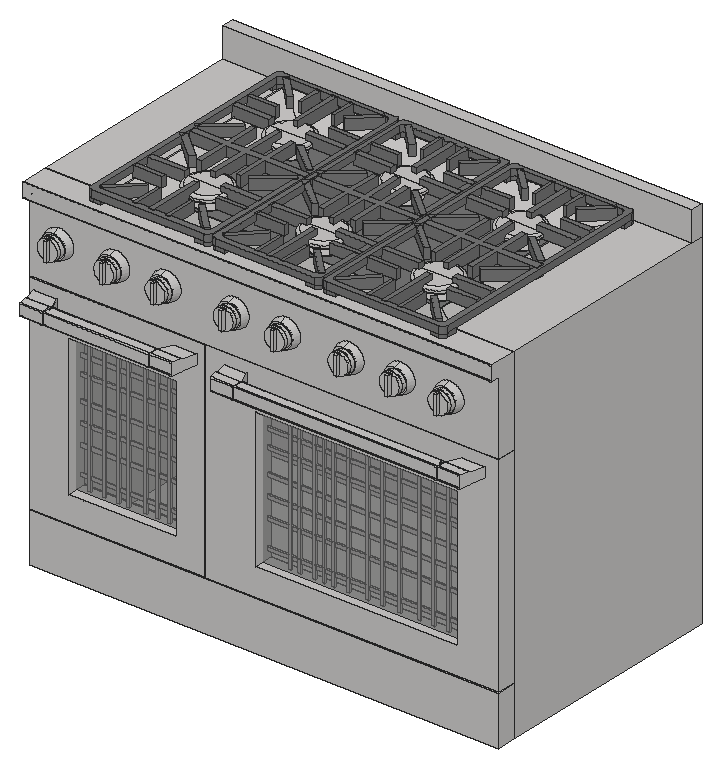
Revit family "HGPR48_Revit", category Specialty Equipment, Revit 2014
Parameters (values of type "HGPR48")
  Width = 48"
  WOK RING = "1"
  VOLTS (V) = "120 VAC"
  Unit = Stainless Steel
  TYPE OF GRATE = "CONTINUOUS CAST IRON"
  TOTAL NUMBER OF COOKTOP BURNERS = "6 DUAL STACK BRASS BURNERS"
  TEMPERATURE (F/C) = "YES"
  Support = Glass
  STANDARD RACK = "1 (LG) / 1 (SM)"
  STAINLESS STEEL BACKGUARD 9” = "APB30G9"
  STAINLESS STEEL BACKGUARD 1 1/2” = "APB30GLP"
  SEALED BURNERS = "YES"
  RIGHT REAR (BTU) = "15,000 STACK DUAL (SIMMER)"
  RIGHT FRONT (BTU) = "18,000 STACK DUAL (SIMMER/SEAR)"
  REMOVABLE NON-STICK SEARING GRILL = "AEGR36"
  REMOVABLE NON-STICK GRIDDLE = "1"
  REMOVABLE CONVECTION FILTER = "1/EA OVEN"
  PLUG TYPE = "GROUNDED, DEDICATED,3-PRONG ELECTRICAL OUTLET"
  PERMA-FLAME™ (AUTO RE-IGNITION) = "YES"
  OVEN RACK POSITIONS = "6 (LG) / 6 (SM)"
  OVEN CONTROL METHOD = "KNOBS"
  OVEN CAPACITY (CUBIC FEET) = "5.2 (LG OVEN) / 2.8 (SM OVEN)"
  NUMBER OF KNOBS = "7 KNOBS"
  Model = "HGPR48"
  Manufacturer = "Dacor"
  LIMITED, PARTS AND LABOR = "1 YEAR"
  LIGHTING = "LED & HALOGEN"
  LEFT REAR (BTU) = "15,000 STACK DUAL (SIMMER)"
  LEFT FRONT (BTU) = "18,000 DUAL (SIMMER/SEAR)"
  LED (WHITE) = "YES"
  KEEP WARM = "YES (BOTH)"
  INFRARED CERAMIC BROIL GAS BURNER = "18,000 BTU (LG) 13,000 BTU (SM)"
  ILLUMINA™ BURNER KNOBS = "YES"
  Height = 37 1/2"
  Handle = Stainless Steel
  HIGHLIGHTING COLOR = "WHITE"
  HIDDEN STAINLESS STEEL BAKE BURNER = "24,000 BTU (LG) 15,000 BTU (SM)"
  Glide = Plastic-Black
  Gas Burner = Stainless Steel
  GLIDERACK™ = "2 (LG) & 2 (SM)"
  GAS TYPES = "NATURAL GAS, NATURAL GAS (HIGH ALTITUDE), LIQUID PROPANE LIQUID PROPANE (HIGH ALTITUDE)"
  FREQUENCY (HZ) = "60 HZ"
  ENERGY SOURCE = "GAS AND ELECTRICAL"
  Door = Stainless Steel
  Description = "48-INCH PRO DUAL-FUEL RANGE HERIT AGE COLLECTION"
  Depth = 24"
  COOKING MODES = "CONVECTION BAKE; BAKE CONVECTION BROIL; BROIL"
  COOKIE SHEETS (SET OF 3) = "ACSRO303"
  CLEANING TYPE = "SELF-CLEAN (BOTH)"
  CIRCUIT BREAKER (A) = "15 AMPS"
  CENTER REAR (BTU) = "15,000 STACK DUAL (SIMMER)"
  CENTER FRONT (BTU) = "15,000 STACK DUAL (SIMMER)"
  CAVITY = "BLACK ENAMEL COATING"
  Burner = Plastic-Black
  BROIL/ROASTING PAN W/GRILL & V RACK = "AORPVR"
  BRASS/BLACK PORCELAIN BURNER CAPS = "6/EA"
  BAKING STONE = "ABS16"
  Adjustment = Stainless Steel
Reference planes (in)
  plane 1 "Center (Front/Back)": y = 0
  plane 2: z = 0
  plane 3 "Center (Left/Right)": x = 0
  plane 4: y = 12
  plane 5: y = -12
  plane 6: x = -24
  plane 7: x = 24
  plane 8: z = 37.5
  plane 9: y = -14
  plane 10: z = 2
  plane 11: y = -14.875
  plane 12: y = -16.5
  plane 13: z = 38.5625
  plane 14: z = 36
  plane 15: z = 40.5
  plane 16: y = 10.75
Forms (in)
  Extrusion 1, solid, material "Stainless Steel" <- "Unit"
    sketch origin (0, 0, 0) x (1, 0, 0) y (0, 0, 1)
      loop
        line (-24, 37.5) -> (-24, 2) -> (24, 2) -> (24, 37.5) -> (23.66902, 37.5) -> (23.66902, 2.38848) -> (-23.45598, 2.38848) -> (-23.45598, 37.5) -> (-24, 37.5)
    from -12 to 12
  Extrusion 2, solid, material "Stainless Steel" <- "Door"
    sketch origin (0, 0, 0) x (0, 1, 0) y (0, 0, 1)
      loop
        line (-12, 37.5) -> (-14.84447, 37.5)
        arc (-14.84447, 37.5) -> (-14.86606, 37.49106) -> (-14.875, 37.46947) r 0.03053
        line (-14.875, 37.46947) -> (-14.875, 36.03125)
        arc (-14.875, 36.03125) -> (-14.86585, 36.00915) -> (-14.84375, 36) r 0.03125
        line (-14.84375, 36) -> (-14.03125, 36)
        arc (-14.03125, 36) -> (-14.00915, 35.99085) -> (-14, 35.96875) r 0.03125
        line (-14, 35.96875) -> (-14, 28.5) -> (-12, 28.5) -> (-12, 37.5)
      loop
        line (-14, 1.96852) -> (-12, 1.96852) -> (-12, 6.96852) -> (-14, 6.96852) -> (-14, 1.96852)
    from -24 to 24
  Extrusion 3, solid, material "Glass" <- "Support"
    sketch origin (0, -14, 0) x (1, 0, 0) y (0, 0, 1)
      loop
        line (-20.04254, 24.12749) -> (-20.04254, 9.87749) -> (-8.99618, 9.87749) -> (-8.99618, 24.12749) -> (-20.04254, 24.12749)
      loop
        line (19.83246, 24.12749) -> (-0.88482, 24.12749) -> (-0.88482, 9.87749) -> (19.83246, 9.87749) -> (19.83246, 24.12749)
    from -2 to -0.8824
  Revolve 4, solid, material "Plastic-Black" <- "Glide"
    sketch origin (21.125, 0, 0) x (0, 1, 0) y (0, 0, 1)
      loop
        line (-10.25, 2) -> (-10.25, 0.75) -> (-10.14613, 0.64613) -> (-10.14613, 0.08461) -> (-10.09729, 0) -> (-9.53479, 0) -> (-9.53479, 2) -> (-10.25, 2)
      axis (-9.53479, 0) -> (-9.53479, 2)
    angle from 0 to 360
  Revolve 5, solid, material "Plastic-Black" <- "Glide"
    sketch origin (-1.87507, 0.00446, 0.02133) x (0, 1, 0) y (0, 0, -1)
      loop
        line (-10.25, -2) -> (-9.53479, -2) -> (-9.53479, 0) -> (-10.09729, 0) -> (-10.14613, -0.08461) -> (-10.14613, -0.64613) -> (-10.25, -0.75) -> (-10.25, -2)
      axis (-9.53479, 0) -> (-9.53479, -2)
    angle from 0 to 360
  Revolve 6, solid, material "Plastic-Black" <- "Glide"
    sketch origin (21.125, 0, 0) x (0, -1, 0) y (0, 0, -1)
      loop
        line (-10.25, -2) -> (-9.53479, -2) -> (-9.53479, 0) -> (-10.09729, 0) -> (-10.14613, -0.08461) -> (-10.14613, -0.64613) -> (-10.25, -0.75) -> (-10.25, -2)
      axis (-9.53479, 0) -> (-9.53479, -2)
    angle from 0 to 360
  Revolve 7, solid, material "Plastic-Black" <- "Glide"
    sketch origin (-1.87507, 0.00446, 0.02133) x (0, -1, 0) y (0, 0, 1)
      loop
        line (-10.25, 2) -> (-10.25, 0.75) -> (-10.14613, 0.64613) -> (-10.14613, 0.08461) -> (-10.09729, 0) -> (-9.53479, 0) -> (-9.53479, 2) -> (-10.25, 2)
      axis (-9.53479, 0) -> (-9.53479, 2)
    angle from 0 to 360
  Extrusion 8, solid, material "Stainless Steel" <- "Unit"
    sketch origin (0, 12, 0) x (-1, 0, 0) y (0, 0, 1)
      loop
        line (23.45598, 2.38848) -> (23.45598, 37.5) -> (-23.66902, 37.5) -> (-23.66902, 2.38848) -> (23.45598, 2.38848)
    from 0 to -0.60405
  Extrusion 9, solid, material "Stainless Steel" <- "Adjustment"
    sketch origin (0, 1.40244, -0.08716) x (1, 0, 0) y (0, 0, 1)
      loop
        line (-19.17988, 24.12749) -> (-19.17988, 9.87749) -> (-18.88693, 9.87749) -> (-18.88693, 24.12749) -> (-19.17988, 24.12749)
      loop
        line (-17.67988, 24.12749) -> (-17.67988, 9.87749) -> (-17.38693, 9.87749) -> (-17.38693, 24.12749) -> (-17.67988, 24.12749)
      loop
        line (-16.17988, 24.12749) -> (-16.17988, 9.87749) -> (-15.88693, 9.87749) -> (-15.88693, 24.12749) -> (-16.17988, 24.12749)
      loop
        line (-15.19507, 24.12749) -> (-15.19507, 9.87749) -> (-14.90212, 9.87749) -> (-14.90212, 24.12749) -> (-15.19507, 24.12749)
      loop
        line (-13.44507, 24.12749) -> (-13.44507, 9.87749) -> (-13.15212, 9.87749) -> (-13.15212, 24.12749) -> (-13.44507, 24.12749)
      loop
        line (-12.22063, 24.12749) -> (-12.22063, 9.87749) -> (-11.92768, 9.87749) -> (-11.92768, 24.12749) -> (-12.22063, 24.12749)
      loop
        line (-10.99618, 24.12749) -> (-10.99618, 9.87749) -> (-10.70323, 9.87749) -> (-10.70323, 24.12749) -> (-10.99618, 24.12749)
      loop
        line (-8.99618, 24.12749) -> (-8.99618, 9.87749) -> (-8.70323, 9.87749) -> (-8.70323, 24.12749) -> (-8.99618, 24.12749)
      loop
        line (12.86738, 24.12749) -> (12.57443, 24.12749) -> (12.57443, 9.87749) -> (12.86738, 9.87749) -> (12.86738, 24.12749)
      loop
        line (7.61738, 24.12749) -> (7.32443, 24.12749) -> (7.32443, 9.87749) -> (7.61738, 9.87749) -> (7.61738, 24.12749)
      loop
        line (6.11738, 24.12749) -> (5.82443, 24.12749) -> (5.82443, 9.87749) -> (6.11738, 9.87749) -> (6.11738, 24.12749)
      loop
        line (5.13257, 24.12749) -> (4.83962, 24.12749) -> (4.83962, 9.87749) -> (5.13257, 9.87749) -> (5.13257, 24.12749)
      loop
        line (4.13257, 24.12749) -> (3.83962, 24.12749) -> (3.83962, 9.87749) -> (4.13257, 9.87749) -> (4.13257, 24.12749)
      loop
        line (2.65813, 24.12749) -> (2.36518, 24.12749) -> (2.36518, 9.87749) -> (2.65813, 9.87749) -> (2.65813, 24.12749)
      loop
        line (1.65813, 24.12749) -> (1.36518, 24.12749) -> (1.36518, 9.87749) -> (1.65813, 9.87749) -> (1.65813, 24.12749)
      loop
        line (-7.37882, 24.12749) -> (-7.67177, 24.12749) -> (-7.67177, 9.87749) -> (-7.37882, 9.87749) -> (-7.37882, 24.12749)
      loop
        line (17.86738, 24.12749) -> (17.57443, 24.12749) -> (17.57443, 9.87749) -> (17.86738, 9.87749) -> (17.86738, 24.12749)
      loop
        line (16.36738, 24.12749) -> (16.07443, 24.12749) -> (16.07443, 9.87749) -> (16.36738, 9.87749) -> (16.36738, 24.12749)
      loop
        line (14.86738, 24.12749) -> (14.57443, 24.12749) -> (14.57443, 9.87749) -> (14.86738, 9.87749) -> (14.86738, 24.12749)
      loop
        line (11.10406, 24.07244) -> (10.81111, 24.07244) -> (10.81111, 9.82244) -> (11.10406, 9.82244) -> (11.10406, 24.07244)
      loop
        line (9.60406, 24.07244) -> (9.31111, 24.07244) -> (9.31111, 9.82244) -> (9.60406, 9.82244) -> (9.60406, 24.07244)
    from 13.89891 to 14
  Extrusion 10, solid, material "Stainless Steel" <- "Adjustment"
    sketch origin (0, 1.40244, -0.08716) x (1, 0, 0) y (0, 0, 1)
      loop
        line (-20.04254, 22.31591) -> (-20.04254, 21.9338) -> (-8.91754, 21.9338) -> (-8.91754, 22.31591) -> (-20.04254, 22.31591)
      loop
        line (19.83246, 21.9338) -> (19.83246, 22.31591) -> (-0.91754, 22.31591) -> (-0.91754, 21.9338) -> (19.83246, 21.9338)
      loop
        line (-20.04254, 20.56591) -> (-20.04254, 20.1838) -> (-8.91754, 20.1838) -> (-8.91754, 20.56591) -> (-20.04254, 20.56591)
      loop
        line (19.83246, 20.1838) -> (19.83246, 20.56591) -> (-0.91754, 20.56591) -> (-0.91754, 20.1838) -> (19.83246, 20.1838)
      loop
        line (-20.04254, 18.06591) -> (-20.04254, 17.6838) -> (-8.91754, 17.6838) -> (-8.91754, 18.06591) -> (-20.04254, 18.06591)
      loop
        line (19.83246, 17.6838) -> (19.83246, 18.06591) -> (-0.91754, 18.06591) -> (-0.91754, 17.6838) -> (19.83246, 17.6838)
      loop
        line (-20.04254, 16.06591) -> (-20.04254, 15.6838) -> (-8.91754, 15.6838) -> (-8.91754, 16.06591) -> (-20.04254, 16.06591)
      loop
        line (19.83246, 15.6838) -> (19.83246, 16.06591) -> (-0.91754, 16.06591) -> (-0.91754, 15.6838) -> (19.83246, 15.6838)
      loop
        line (-20.04254, 14.06591) -> (-20.04254, 13.6838) -> (-8.91754, 13.6838) -> (-8.91754, 14.06591) -> (-20.04254, 14.06591)
      loop
        line (19.83246, 13.6838) -> (19.83246, 14.06591) -> (-0.91754, 14.06591) -> (-0.91754, 13.6838) -> (19.83246, 13.6838)
      loop
        line (-20.04254, 11.31591) -> (-20.04254, 10.9338) -> (-8.91754, 10.9338) -> (-8.91754, 11.31591) -> (-20.04254, 11.31591)
      loop
        line (19.83246, 10.9338) -> (19.83246, 11.31591) -> (-0.91754, 11.31591) -> (-0.91754, 10.9338) -> (19.83246, 10.9338)
    from 13.89891 to 14
  Revolve 11, solid, material "Stainless Steel" <- "Adjustment"
    sketch origin (19, 0, -0.625) x (0, 1, 0) y (0, 0, 1)
      loop
        line (-14, 34.56034) -> (-14.75, 34.35937) -> (-14.75, 34.22201) -> (-15.13851, 34.22201) -> (-15.13851, 34.15475) -> (-15.47236, 34.15475) -> (-15.47236, 33.12798) -> (-14, 33.12798) -> (-14, 34.56034)
      axis (-15.47236, 33.12798) -> (-14, 33.12798)
    angle from 0 to 360
  Extrusion 12, solid, material "Stainless Steel" <- "Adjustment"
    sketch origin (-2.125, 0, -0.625) x (1, 0, 0) y (0, 0, 1)
      loop
        line (20.92229, 34.07156) -> (20.92229, 32.1716) -> (21.22324, 32.1716) -> (21.22324, 34.07156) -> (20.92229, 34.07156)
    from 15.76036 to 15.47236
  Blend 13, solid, material "Stainless Steel" <- "Unit"
    base sketch origin (-17.9375, 0, 37.5) x (1, 0, 0) y (0, 1, 0)
      loop
        line (0.54402, -12) -> (35.54402, -12) -> (35.54402, 10.77095) -> (0.54402, 10.77095) -> (0.54402, -12)
    top sketch origin (-17.9375, 0, 37.5) x (1, 0, 0) y (0, 1, 0)
      loop
        line (3.59462, 7.80878) -> (3.59462, -9.19122) -> (32.09462, -9.19122) -> (32.09462, 7.80878) -> (3.59462, 7.80878)
    from 0 to -1.15037
  Blend 14, void
    base sketch origin (-14.9375, 0, 0) x (1, 0, 0) y (0, 1, 0)
      loop
        line (-2.45598, -12) -> (32.54402, -12) -> (32.54402, 10.52095) -> (-2.45598, 10.52095) -> (-2.45598, -12)
    top sketch origin (-14.9375, 0, 0) x (1, 0, 0) y (0, 1, 0)
      loop
        line (1.59462, 7.06965) -> (1.59462, -8.45209) -> (28.59462, -8.45209) -> (28.59462, 7.06965) -> (1.59462, 7.06965)
    from 37.5 to 36.34963
  Extrusion 15, solid, material "Plastic-Black" <- "Burner"
    sketch origin (-17.9375, 0, 36.34963) x (0, 1, 0) y (1, 0, 0)
      loop
        line (7.06965, 31.59462) -> (-8.45209, 31.59462) -> (-8.45209, 4.59462) -> (7.06965, 4.59462) -> (7.06965, 31.59462)
    from 0 to 0.58019
  Revolve 16, solid, material "Stainless Steel" <- "Gas Burner"
    sketch origin (-2.375, -6.625, 0) x (1, 0, 0) y (0, 0, 1)
      loop
        line (-9.25, 35.76944) -> (-9.25, 38.03125) -> (-11.25, 38.03125)
        arc (-11.25, 38.03125) -> (-11.42678, 37.95803) -> (-11.5, 37.78125) r 0.25
        line (-11.5, 37.78125) -> (-11.5, 37.53125) -> (-11.37023, 37.40148)
        arc (-11.37023, 37.40148) -> (-11.35076, 37.35447) -> (-11.37023, 37.30747) r 0.06647
        line (-11.37023, 37.30747) -> (-11.5, 37.1777) -> (-11.5, 36.94183)
        arc (-11.5, 36.94183) -> (-11.44834, 36.78964) -> (-11.3147, 36.70035) r 0.25
        line (-11.3147, 36.70035) -> (-10.77556, 36.55589) -> (-10.3215, 35.76944) -> (-9.25, 35.76944)
      axis (-9.25, 35.76944) -> (-9.25, 38.03125)
    angle from 0 to 360
  Extrusion 17, solid, material "Plastic-Black" <- "Burner"
    sketch origin (0, 0, 0) x (1, 0, 0) y (0, 1, 0)
      loop
        arc (-17.64348, 10.58345) -> (-17.99703, 10.437) -> (-18.14348, 10.08345) r 0.5
        line (-18.14348, 10.08345) -> (-18.14348, -13.5)
        arc (-18.14348, -13.5) -> (-17.99703, -13.85355) -> (-17.64348, -14) r 0.5
        line (-17.64348, -14) -> (-6.1875, -14)
        arc (-6.1875, -14) -> (-5.83395, -13.85355) -> (-5.6875, -13.5) r 0.5
        line (-5.6875, -13.5) -> (-5.6875, 10.08345)
        arc (-5.6875, 10.08345) -> (-5.83395, 10.437) -> (-6.1875, 10.58345) r 0.5
        line (-6.1875, 10.58345) -> (-17.64348, 10.58345)
      loop
        arc (-17.12384, 10.02844) -> (-17.47739, 9.88199) -> (-17.62384, 9.52844) r 0.5
        line (-17.62384, 9.52844) -> (-17.62384, -12.90906)
        arc (-17.62384, -12.90906) -> (-17.47739, -13.26262) -> (-17.12384, -13.40906) r 0.5
        line (-17.12384, -13.40906) -> (-6.68634, -13.40906)
        arc (-6.68634, -13.40906) -> (-6.33278, -13.26262) -> (-6.18634, -12.90906) r 0.5
        line (-6.18634, -12.90906) -> (-6.18634, 9.52844)
        arc (-6.18634, 9.52844) -> (-6.33278, 9.88199) -> (-6.68634, 10.02844) r 0.5
        line (-6.68634, 10.02844) -> (-17.12384, 10.02844)
      loop
        line (17.89348, 10.58345) -> (6.375, 10.58345)
        arc (6.375, 10.58345) -> (6.02145, 10.437) -> (5.875, 10.08345) r 0.5
        line (5.875, 10.08345) -> (5.875, -13.5)
        arc (5.875, -13.5) -> (6.02145, -13.85355) -> (6.375, -14) r 0.5
        line (6.375, -14) -> (17.89348, -14)
        arc (17.89348, -14) -> (18.24703, -13.85355) -> (18.39348, -13.5) r 0.5
        line (18.39348, -13.5) -> (18.39348, 10.08345)
        arc (18.39348, 10.08345) -> (18.24703, 10.437) -> (17.89348, 10.58345) r 0.5
      loop
        line (17.37384, 10.02844) -> (6.87384, 10.02844)
        arc (6.87384, 10.02844) -> (6.52028, 9.88199) -> (6.37384, 9.52844) r 0.5
        line (6.37384, 9.52844) -> (6.37384, -12.90906)
        arc (6.37384, -12.90906) -> (6.52028, -13.26262) -> (6.87384, -13.40906) r 0.5
        line (6.87384, -13.40906) -> (17.37384, -13.40906)
        arc (17.37384, -13.40906) -> (17.72739, -13.26262) -> (17.87384, -12.90906) r 0.5
        line (17.87384, -12.90906) -> (17.87384, 9.52844)
        arc (17.87384, 9.52844) -> (17.72739, 9.88199) -> (17.37384, 10.02844) r 0.5
      loop
        line (5.14348, 10.58345) -> (-5, 10.58345)
        arc (-5, 10.58345) -> (-5.35355, 10.437) -> (-5.5, 10.08345) r 0.5
        line (-5.5, 10.08345) -> (-5.5, -13.5)
        arc (-5.5, -13.5) -> (-5.35355, -13.85355) -> (-5, -14) r 0.5
        line (-5, -14) -> (5.14348, -14)
        arc (5.14348, -14) -> (5.49703, -13.85355) -> (5.64348, -13.5) r 0.5
        line (5.64348, -13.5) -> (5.64348, 10.08345)
        arc (5.64348, 10.08345) -> (5.49703, 10.437) -> (5.14348, 10.58345) r 0.5
      loop
        line (4.62384, 10.02844) -> (-4.50116, 10.02844)
        arc (-4.50116, 10.02844) -> (-4.85472, 9.88199) -> (-5.00116, 9.52844) r 0.5
        line (-5.00116, 9.52844) -> (-5.00116, -12.90906)
        arc (-5.00116, -12.90906) -> (-4.85472, -13.26262) -> (-4.50116, -13.40906) r 0.5
        line (-4.50116, -13.40906) -> (4.62384, -13.40906)
        arc (4.62384, -13.40906) -> (4.97739, -13.26262) -> (5.12384, -12.90906) r 0.5
        line (5.12384, -12.90906) -> (5.12384, 9.52844)
        arc (5.12384, 9.52844) -> (4.97739, 9.88199) -> (4.62384, 10.02844) r 0.5
    from 38.5625 to 37.89555
  Revolve 18, solid, material "Stainless Steel" <- "Gas Burner"
    sketch origin (-2.375, 3.875, 0) x (1, 0, 0) y (0, 0, -1)
      loop
        line (-9.25, -35.76944) -> (-10.3215, -35.76944) -> (-10.77556, -36.55589) -> (-11.3147, -36.70035)
        arc (-11.3147, -36.70035) -> (-11.44834, -36.78964) -> (-11.5, -36.94183) r 0.25
        line (-11.5, -36.94183) -> (-11.5, -37.1777) -> (-11.37023, -37.30747)
        arc (-11.37023, -37.30747) -> (-11.35076, -37.35447) -> (-11.37023, -37.40148) r 0.06647
        line (-11.37023, -37.40148) -> (-11.5, -37.53125) -> (-11.5, -37.78125)
        arc (-11.5, -37.78125) -> (-11.42678, -37.95803) -> (-11.25, -38.03125) r 0.25
        line (-11.25, -38.03125) -> (-9.25, -38.03125) -> (-9.25, -35.76944)
      axis (-9.25, -35.76944) -> (-9.25, -38.03125)
    angle from 0 to 360
  Revolve 19, solid, material "Stainless Steel" <- "Gas Burner"
    sketch origin (2.75, -6.625, 0) x (-1, 0, 0) y (0, 0, -1)
      loop
        line (-9.25, -35.76944) -> (-10.3215, -35.76944) -> (-10.77556, -36.55589) -> (-11.3147, -36.70035)
        arc (-11.3147, -36.70035) -> (-11.44834, -36.78964) -> (-11.5, -36.94183) r 0.25
        line (-11.5, -36.94183) -> (-11.5, -37.1777) -> (-11.37023, -37.30747)
        arc (-11.37023, -37.30747) -> (-11.35076, -37.35447) -> (-11.37023, -37.40148) r 0.06647
        line (-11.37023, -37.40148) -> (-11.5, -37.53125) -> (-11.5, -37.78125)
        arc (-11.5, -37.78125) -> (-11.42678, -37.95803) -> (-11.25, -38.03125) r 0.25
        line (-11.25, -38.03125) -> (-9.25, -38.03125) -> (-9.25, -35.76944)
      axis (-9.25, -35.76944) -> (-9.25, -38.03125)
    angle from 0 to 360
  Revolve 20, solid, material "Stainless Steel" <- "Gas Burner"
    sketch origin (2.75, 3.875, 0) x (-1, 0, 0) y (0, 0, 1)
      loop
        line (-9.25, 35.76944) -> (-9.25, 38.03125) -> (-11.25, 38.03125)
        arc (-11.25, 38.03125) -> (-11.42678, 37.95803) -> (-11.5, 37.78125) r 0.25
        line (-11.5, 37.78125) -> (-11.5, 37.53125) -> (-11.37023, 37.40148)
        arc (-11.37023, 37.40148) -> (-11.35076, 37.35447) -> (-11.37023, 37.30747) r 0.06647
        line (-11.37023, 37.30747) -> (-11.5, 37.1777) -> (-11.5, 36.94183)
        arc (-11.5, 36.94183) -> (-11.44834, 36.78964) -> (-11.3147, 36.70035) r 0.25
        line (-11.3147, 36.70035) -> (-10.77556, 36.55589) -> (-10.3215, 35.76944) -> (-9.25, 35.76944)
      axis (-9.25, 35.76944) -> (-9.25, 38.03125)
    angle from 0 to 360
  Extrusion 21, solid, material "Plastic-Black" <- "Burner"
    sketch origin (0, 0, 0) x (1, 0, 0) y (0, 1, 0)
      loop
        arc (-17.64348, 10.58345) -> (-17.99703, 10.437) -> (-18.14348, 10.08345) r 0.5
        line (-18.14348, 10.08345) -> (-18.14348, 9.11542) -> (-17.62384, 9.11542) -> (-17.62384, 9.52844)
        arc (-17.62384, 9.52844) -> (-17.47739, 9.88199) -> (-17.12384, 10.02844) r 0.5
        line (-17.12384, 10.02844) -> (-16.73692, 10.02844) -> (-16.73692, 10.58345) -> (-17.64348, 10.58345)
      loop
        line (-17.64348, -13.95845) -> (-16.73692, -13.95845) -> (-16.73692, -13.40344) -> (-17.12384, -13.40344)
        arc (-17.12384, -13.40344) -> (-17.47739, -13.25699) -> (-17.62384, -12.90344) r 0.5
        line (-17.62384, -12.90344) -> (-17.62384, -12.49042) -> (-18.14348, -12.49042) -> (-18.14348, -13.45845)
        arc (-18.14348, -13.45845) -> (-17.99703, -13.812) -> (-17.64348, -13.95845) r 0.5
      loop
        line (-6.22919, 10.58345) -> (-7.13575, 10.58345) -> (-7.13575, 10.02844) -> (-6.74884, 10.02844)
        arc (-6.74884, 10.02844) -> (-6.39528, 9.88199) -> (-6.24884, 9.52844) r 0.5
        line (-6.24884, 9.52844) -> (-6.24884, 9.11542) -> (-5.72919, 9.11542) -> (-5.72919, 10.08345)
        arc (-5.72919, 10.08345) -> (-5.87564, 10.437) -> (-6.22919, 10.58345) r 0.5
      loop
        arc (-6.22919, -13.95845) -> (-5.87564, -13.812) -> (-5.72919, -13.45845) r 0.5
        line (-5.72919, -13.45845) -> (-5.72919, -12.49042) -> (-6.24884, -12.49042) -> (-6.24884, -12.90344)
        arc (-6.24884, -12.90344) -> (-6.39528, -13.25699) -> (-6.74884, -13.40344) r 0.5
        line (-6.74884, -13.40344) -> (-7.13575, -13.40344) -> (-7.13575, -13.95845) -> (-6.22919, -13.95845)
      loop
        line (17.89348, 10.58345) -> (16.98692, 10.58345) -> (16.98692, 10.02844) -> (17.37384, 10.02844)
        arc (17.37384, 10.02844) -> (17.72739, 9.88199) -> (17.87384, 9.52844) r 0.5
        line (17.87384, 9.52844) -> (17.87384, 9.11542) -> (18.39348, 9.11542) -> (18.39348, 10.08345)
        arc (18.39348, 10.08345) -> (18.24703, 10.437) -> (17.89348, 10.58345) r 0.5
      loop
        arc (17.89348, -13.95845) -> (18.24703, -13.812) -> (18.39348, -13.45845) r 0.5
        line (18.39348, -13.45845) -> (18.39348, -12.49042) -> (17.87384, -12.49042) -> (17.87384, -12.90344)
        arc (17.87384, -12.90344) -> (17.72739, -13.25699) -> (17.37384, -13.40344) r 0.5
        line (17.37384, -13.40344) -> (16.98692, -13.40344) -> (16.98692, -13.95845) -> (17.89348, -13.95845)
      loop
        arc (6.35419, 10.58345) -> (6.00064, 10.437) -> (5.85419, 10.08345) r 0.5
        line (5.85419, 10.08345) -> (5.85419, 9.11542) -> (6.37384, 9.11542) -> (6.37384, 9.52844)
        arc (6.37384, 9.52844) -> (6.52028, 9.88199) -> (6.87384, 10.02844) r 0.5
        line (6.87384, 10.02844) -> (7.26075, 10.02844) -> (7.26075, 10.58345) -> (6.35419, 10.58345)
      loop
        line (6.35419, -13.95845) -> (7.26075, -13.95845) -> (7.26075, -13.40344) -> (6.87384, -13.40344)
        arc (6.87384, -13.40344) -> (6.52028, -13.25699) -> (6.37384, -12.90344) r 0.5
        line (6.37384, -12.90344) -> (6.37384, -12.49042) -> (5.85419, -12.49042) -> (5.85419, -13.45845)
        arc (5.85419, -13.45845) -> (6.00064, -13.812) -> (6.35419, -13.95845) r 0.5
      loop
        line (5.10179, 10.58345) -> (4.19523, 10.58345) -> (4.19523, 10.02844) -> (4.58214, 10.02844)
        arc (4.58214, 10.02844) -> (4.9357, 9.88199) -> (5.08214, 9.52844) r 0.5
        line (5.08214, 9.52844) -> (5.08214, 9.11542) -> (5.60179, 9.11542) -> (5.60179, 10.08345)
        arc (5.60179, 10.08345) -> (5.45534, 10.437) -> (5.10179, 10.58345) r 0.5
      loop
        arc (5.10179, -13.95845) -> (5.45534, -13.812) -> (5.60179, -13.45845) r 0.5
        line (5.60179, -13.45845) -> (5.60179, -12.49042) -> (5.08214, -12.49042) -> (5.08214, -12.90344)
        arc (5.08214, -12.90344) -> (4.9357, -13.25699) -> (4.58214, -13.40344) r 0.5
        line (4.58214, -13.40344) -> (4.19523, -13.40344) -> (4.19523, -13.95845) -> (5.10179, -13.95845)
      loop
        arc (-5, 10.58345) -> (-5.35355, 10.437) -> (-5.5, 10.08345) r 0.5
        line (-5.5, 10.08345) -> (-5.5, 9.11542) -> (-4.98036, 9.11542) -> (-4.98036, 9.52844)
        arc (-4.98036, 9.52844) -> (-4.83391, 9.88199) -> (-4.48036, 10.02844) r 0.5
        line (-4.48036, 10.02844) -> (-4.09344, 10.02844) -> (-4.09344, 10.58345) -> (-5, 10.58345)
      loop
        line (-5, -13.95845) -> (-4.09344, -13.95845) -> (-4.09344, -13.40344) -> (-4.48036, -13.40344)
        arc (-4.48036, -13.40344) -> (-4.83391, -13.25699) -> (-4.98036, -12.90344) r 0.5
        line (-4.98036, -12.90344) -> (-4.98036, -12.49042) -> (-5.5, -12.49042) -> (-5.5, -13.45845)
        arc (-5.5, -13.45845) -> (-5.35355, -13.812) -> (-5, -13.95845) r 0.5
    from 37.89555 to 37.5
  Extrusion 22, solid, material "Plastic-Black" <- "Burner"
    sketch origin (0, 0, 0) x (1, 0, 0) y (0, 1, 0)
      loop
        line (-17.62384, -1.63544) -> (-14.26313, -1.63544) -> (-14.26313, -4.74313) -> (-13.79549, -4.74313) -> (-13.79549, -1.63544) -> (-12.26313, -1.63544) -> (-12.26313, -5.49313) -> (-11.79549, -5.49313) -> (-11.79549, -1.63544) -> (-10.26313, -1.63544) -> (-10.26313, -4.74313) -> (-9.79549, -4.74313) -> (-9.79549, -1.63544) -> (-5.6875, -1.63544) -> (-5.6875, -0.93269) -> (-9.79549, -0.93269) -> (-9.79549, 2.175) -> (-10.26313, 2.175) -> (-10.26313, -0.93269) -> (-11.79549, -0.93269) -> (-11.79549, 2.925) -> (-12.26313, 2.925) -> (-12.26313, -0.93269) -> (-13.79549, -0.93269) -> (-13.79549, 2.175) -> (-14.26313, 2.175) -> (-14.26313, -0.88568) -> (-17.62384, -0.88568) -> (-17.62384, -1.63544)
      loop
        line (-13.88813, -13.44499) -> (-13.54549, -13.44499) -> (-13.54549, -10.2987) -> (-13.88813, -10.2987) -> (-13.88813, -13.44499)
      loop
        line (-12.26313, -13.44499) -> (-11.79549, -13.44499) -> (-11.79549, -7.675) -> (-12.26313, -7.675) -> (-12.26313, -13.44499)
      loop
        line (-17.28101, -13.22716) -> (-14.62936, -10.57551) -> (-14.97219, -10.23268) -> (-17.62384, -12.88433) -> (-17.28101, -13.22716)
      loop
        line (-17.62384, -6.96756) -> (-13.77721, -6.96756) -> (-13.77721, -6.38806) -> (-17.62384, -6.38806) -> (-17.62384, -6.96756)
      loop
        line (-17.62384, -8.77147) -> (-14.62384, -8.77147) -> (-14.62384, -8.33397) -> (-17.62384, -8.33397) -> (-17.62384, -8.77147)
      loop
        line (-17.66878, -1.8755) -> (-18.02233, -2.22905) -> (-15.06207, -4.76597) -> (-14.70852, -4.41242) -> (-17.66878, -1.8755)
      loop
        line (-10.13813, -13.44499) -> (-10.13813, -10.2987) -> (-10.48076, -10.2987) -> (-10.48076, -13.44499) -> (-10.13813, -13.44499)
      loop
        line (-6.77761, -13.22716) -> (-6.43478, -12.88433) -> (-9.08643, -10.23268) -> (-9.42926, -10.57551) -> (-6.77761, -13.22716)
      loop
        line (-6.18866, -6.96756) -> (-6.18866, -6.38806) -> (-10.03529, -6.38806) -> (-10.03529, -6.96756) -> (-6.18866, -6.96756)
      loop
        line (-6.18866, -8.77147) -> (-6.18866, -8.33397) -> (-9.18866, -8.33397) -> (-9.18866, -8.77147) -> (-6.18866, -8.77147)
      loop
        line (-6.33122, -1.8755) -> (-9.29148, -4.41242) -> (-8.93793, -4.76597) -> (-5.97767, -2.22905) -> (-6.33122, -1.8755)
      loop
        line (-13.88813, 10.12686) -> (-13.88813, 7.73057) -> (-13.54549, 7.73057) -> (-13.54549, 10.12686) -> (-13.88813, 10.12686)
      loop
        line (-12.26313, 10.12686) -> (-12.26313, 5.10687) -> (-11.79549, 5.10687) -> (-11.79549, 10.12686) -> (-12.26313, 10.12686)
      loop
        line (-16.90601, 10.28403) -> (-17.24884, 9.9412) -> (-14.97219, 7.66455) -> (-14.62936, 8.00738) -> (-16.90601, 10.28403)
      loop
        line (-17.62384, 4.39943) -> (-17.62384, 3.81993) -> (-13.77721, 3.81993) -> (-13.77721, 4.39943) -> (-17.62384, 4.39943)
      loop
        line (-17.62384, 6.20334) -> (-17.62384, 5.76584) -> (-14.62384, 5.76584) -> (-14.62384, 6.20334) -> (-17.62384, 6.20334)
      loop
        line (-17.66878, -0.69263) -> (-14.70852, 1.84429) -> (-15.06207, 2.19784) -> (-18.02233, -0.33908) -> (-17.66878, -0.69263)
      loop
        line (-10.13813, 10.12686) -> (-10.48076, 10.12686) -> (-10.48076, 7.73057) -> (-10.13813, 7.73057) -> (-10.13813, 10.12686)
      loop
        line (-7.15261, 10.28403) -> (-9.42926, 8.00738) -> (-9.08643, 7.66455) -> (-6.80978, 9.9412) -> (-7.15261, 10.28403)
      loop
        line (-6.18866, 4.39943) -> (-10.03529, 4.39943) -> (-10.03529, 3.81993) -> (-6.18866, 3.81993) -> (-6.18866, 4.39943)
      loop
        line (-6.18866, 6.20334) -> (-9.18866, 6.20334) -> (-9.18866, 5.76584) -> (-6.18866, 5.76584) -> (-6.18866, 6.20334)
      loop
        line (-6.33122, -0.69263) -> (-5.97767, -0.33908) -> (-8.93793, 2.19784) -> (-9.29148, 1.84429) -> (-6.33122, -0.69263)
      loop
        line (-5.12384, -1.63544) -> (-1.76313, -1.63544) -> (-1.76313, -4.74313) -> (-1.29549, -4.74313) -> (-1.29549, -1.63544) -> (-0.13813, -1.63544) -> (-0.13813, -5.49313) -> (0.32951, -5.49313) -> (0.32951, -1.63544) -> (1.48687, -1.63544) -> (1.48687, -4.74313) -> (1.95451, -4.74313) -> (1.95451, -1.63544) -> (5.6875, -1.63544) -> (5.6875, -0.93269) -> (1.95451, -0.93269) -> (1.95451, 2.175) -> (1.48687, 2.175) -> (1.48687, -0.93269) -> (0.32951, -0.93269) -> (0.32951, 2.925) -> (-0.13813, 2.925) -> (-0.13813, -0.93269) -> (-1.29549, -0.93269) -> (-1.29549, 2.175) -> (-1.76313, 2.175) -> (-1.76313, -0.88568) -> (-5.12384, -0.88568) -> (-5.12384, -1.63544)
      loop
        line (-1.38813, -13.44499) -> (-1.04549, -13.44499) -> (-1.04549, -10.2987) -> (-1.38813, -10.2987) -> (-1.38813, -13.44499)
      loop
        line (-0.13813, -13.44499) -> (0.32951, -13.44499) -> (0.32951, -7.675) -> (-0.13813, -7.675) -> (-0.13813, -13.44499)
      loop
        line (-4.78101, -13.22716) -> (-2.12936, -10.57551) -> (-2.47219, -10.23268) -> (-5.12384, -12.88433) -> (-4.78101, -13.22716)
      loop
        line (-5.12384, -6.96756) -> (-1.27721, -6.96756) -> (-1.27721, -6.38806) -> (-5.12384, -6.38806) -> (-5.12384, -6.96756)
      loop
        line (-5.12384, -8.77147) -> (-2.12384, -8.77147) -> (-2.12384, -8.33397) -> (-5.12384, -8.33397) -> (-5.12384, -8.77147)
      loop
        line (-5.16878, -1.8755) -> (-5.52233, -2.22905) -> (-2.56207, -4.76597) -> (-2.20852, -4.41242) -> (-5.16878, -1.8755)
      loop
        line (1.61187, -13.44499) -> (1.61187, -10.2987) -> (1.26924, -10.2987) -> (1.26924, -13.44499) -> (1.61187, -13.44499)
      loop
        line (4.97239, -13.22716) -> (5.31522, -12.88433) -> (2.66357, -10.23268) -> (2.32074, -10.57551) -> (4.97239, -13.22716)
      loop
        line (5.56134, -6.96756) -> (5.56134, -6.38806) -> (1.71471, -6.38806) -> (1.71471, -6.96756) -> (5.56134, -6.96756)
      loop
        line (5.56134, -8.77147) -> (5.56134, -8.33397) -> (2.56134, -8.33397) -> (2.56134, -8.77147) -> (5.56134, -8.77147)
      loop
        line (5.41878, -1.8755) -> (2.45852, -4.41242) -> (2.81207, -4.76597) -> (5.77233, -2.22905) -> (5.41878, -1.8755)
      loop
        line (-1.38813, 10.12686) -> (-1.38813, 7.73057) -> (-1.04549, 7.73057) -> (-1.04549, 10.12686) -> (-1.38813, 10.12686)
      loop
        line (-0.13813, 10.12686) -> (-0.13813, 5.10687) -> (0.32951, 5.10687) -> (0.32951, 10.12686) -> (-0.13813, 10.12686)
      loop
        line (-4.40601, 10.28403) -> (-4.74884, 9.9412) -> (-2.47219, 7.66455) -> (-2.12936, 8.00738) -> (-4.40601, 10.28403)
      loop
        line (-5.12384, 4.39943) -> (-5.12384, 3.81993) -> (-1.27721, 3.81993) -> (-1.27721, 4.39943) -> (-5.12384, 4.39943)
      loop
        line (-5.12384, 6.20334) -> (-5.12384, 5.76584) -> (-2.12384, 5.76584) -> (-2.12384, 6.20334) -> (-5.12384, 6.20334)
      loop
        line (-5.16878, -0.69263) -> (-2.20852, 1.84429) -> (-2.56207, 2.19784) -> (-5.52233, -0.33908) -> (-5.16878, -0.69263)
      loop
        line (1.61187, 10.12686) -> (1.26924, 10.12686) -> (1.26924, 7.73057) -> (1.61187, 7.73057) -> (1.61187, 10.12686)
      loop
        line (4.59739, 10.28403) -> (2.32074, 8.00738) -> (2.66357, 7.66455) -> (4.94022, 9.9412) -> (4.59739, 10.28403)
      loop
        line (5.56134, 4.39943) -> (1.71471, 4.39943) -> (1.71471, 3.81993) -> (5.56134, 3.81993) -> (5.56134, 4.39943)
      loop
        line (5.56134, 6.20334) -> (2.56134, 6.20334) -> (2.56134, 5.76584) -> (5.56134, 5.76584) -> (5.56134, 6.20334)
      loop
        line (5.41878, -0.69263) -> (5.77233, -0.33908) -> (2.81207, 2.19784) -> (2.45852, 1.84429) -> (5.41878, -0.69263)
      loop
        line (6.37384, -1.63544) -> (9.73455, -1.63544) -> (9.73455, -4.74313) -> (10.20218, -4.74313) -> (10.20218, -1.63544) -> (11.60955, -1.63544) -> (11.60955, -5.49313) -> (12.07718, -5.49313) -> (12.07718, -1.63544) -> (13.48455, -1.63544) -> (13.48455, -4.74313) -> (13.95218, -4.74313) -> (13.95218, -1.63544) -> (18.06017, -1.63544) -> (18.06017, -0.93269) -> (13.95218, -0.93269) -> (13.95218, 2.175) -> (13.48455, 2.175) -> (13.48455, -0.93269) -> (12.07718, -0.93269) -> (12.07718, 2.925) -> (11.60955, 2.925) -> (11.60955, -0.93269) -> (10.20218, -0.93269) -> (10.20218, 2.175) -> (9.73455, 2.175) -> (9.73455, -0.88568) -> (6.37384, -0.88568) -> (6.37384, -1.63544)
      loop
        line (10.10955, -13.44499) -> (10.45218, -13.44499) -> (10.45218, -10.2987) -> (10.10955, -10.2987) -> (10.10955, -13.44499)
      loop
        line (11.60955, -13.44499) -> (12.07718, -13.44499) -> (12.07718, -7.675) -> (11.60955, -7.675) -> (11.60955, -13.44499)
      loop
        line (6.71667, -13.22716) -> (9.36832, -10.57551) -> (9.02549, -10.23268) -> (6.37384, -12.88433) -> (6.71667, -13.22716)
      loop
        line (6.37384, -6.96756) -> (10.22046, -6.96756) -> (10.22046, -6.38806) -> (6.37384, -6.38806) -> (6.37384, -6.96756)
      loop
        line (6.37384, -8.77147) -> (9.37384, -8.77147) -> (9.37384, -8.33397) -> (6.37384, -8.33397) -> (6.37384, -8.77147)
      loop
        line (6.3289, -1.8755) -> (5.97534, -2.22905) -> (8.9356, -4.76597) -> (9.28916, -4.41242) -> (6.3289, -1.8755)
      loop
        line (13.60955, -13.44499) -> (13.60955, -10.2987) -> (13.26691, -10.2987) -> (13.26691, -13.44499) -> (13.60955, -13.44499)
      loop
        line (16.97006, -13.22716) -> (17.31289, -12.88433) -> (14.66124, -10.23268) -> (14.31841, -10.57551) -> (16.97006, -13.22716)
      loop
        line (17.55901, -6.96756) -> (17.55901, -6.38806) -> (13.71238, -6.38806) -> (13.71238, -6.96756) -> (17.55901, -6.96756)
      loop
        line (17.55901, -8.77147) -> (17.55901, -8.33397) -> (14.55901, -8.33397) -> (14.55901, -8.77147) -> (17.55901, -8.77147)
      loop
        line (17.41645, -1.8755) -> (14.45619, -4.41242) -> (14.80974, -4.76597) -> (17.77, -2.22905) -> (17.41645, -1.8755)
      loop
        line (10.10955, 10.12686) -> (10.10955, 7.73057) -> (10.45218, 7.73057) -> (10.45218, 10.12686) -> (10.10955, 10.12686)
      loop
        line (11.60955, 10.12686) -> (11.60955, 5.10687) -> (12.07718, 5.10687) -> (12.07718, 10.12686) -> (11.60955, 10.12686)
      loop
        line (7.09167, 10.28403) -> (6.74884, 9.9412) -> (9.02549, 7.66455) -> (9.36832, 8.00738) -> (7.09167, 10.28403)
      loop
        line (6.37384, 4.39943) -> (6.37384, 3.81993) -> (10.22046, 3.81993) -> (10.22046, 4.39943) -> (6.37384, 4.39943)
      loop
        line (6.37384, 6.20334) -> (6.37384, 5.76584) -> (9.37384, 5.76584) -> (9.37384, 6.20334) -> (6.37384, 6.20334)
      loop
        line (6.3289, -0.69263) -> (9.28916, 1.84429) -> (8.9356, 2.19784) -> (5.97534, -0.33908) -> (6.3289, -0.69263)
      loop
        line (13.60955, 10.12686) -> (13.26691, 10.12686) -> (13.26691, 7.73057) -> (13.60955, 7.73057) -> (13.60955, 10.12686)
      loop
        line (16.59506, 10.28403) -> (14.31841, 8.00738) -> (14.66124, 7.66455) -> (16.93789, 9.9412) -> (16.59506, 10.28403)
      loop
        line (17.55901, 4.39943) -> (13.71238, 4.39943) -> (13.71238, 3.81993) -> (17.55901, 3.81993) -> (17.55901, 4.39943)
      loop
        line (17.55901, 6.20334) -> (14.55901, 6.20334) -> (14.55901, 5.76584) -> (17.55901, 5.76584) -> (17.55901, 6.20334)
      loop
        line (17.41645, -0.69263) -> (17.77, -0.33908) -> (14.80974, 2.19784) -> (14.45619, 1.84429) -> (17.41645, -0.69263)
    from 37.5 to 38.5625
  Revolve 23, solid, material "Stainless Steel" <- "Gas Burner"
    sketch origin (-9, -6.625, 0) x (-1, 0, 0) y (0, 0, -1)
      loop
        line (-9.25, -35.76944) -> (-10.3215, -35.76944) -> (-10.77556, -36.55589) -> (-11.3147, -36.70035)
        arc (-11.3147, -36.70035) -> (-11.44834, -36.78964) -> (-11.5, -36.94183) r 0.25
        line (-11.5, -36.94183) -> (-11.5, -37.1777) -> (-11.37023, -37.30747)
        arc (-11.37023, -37.30747) -> (-11.35076, -37.35447) -> (-11.37023, -37.40148) r 0.06647
        line (-11.37023, -37.40148) -> (-11.5, -37.53125) -> (-11.5, -37.78125)
        arc (-11.5, -37.78125) -> (-11.42678, -37.95803) -> (-11.25, -38.03125) r 0.25
        line (-11.25, -38.03125) -> (-9.25, -38.03125) -> (-9.25, -35.76944)
      axis (-9.25, -35.76944) -> (-9.25, -38.03125)
    angle from 0 to 360
  Revolve 24, solid, material "Stainless Steel" <- "Gas Burner"
    sketch origin (-9, 3.875, 0) x (-1, 0, 0) y (0, 0, 1)
      loop
        line (-9.25, 35.76944) -> (-9.25, 38.03125) -> (-11.25, 38.03125)
        arc (-11.25, 38.03125) -> (-11.42678, 37.95803) -> (-11.5, 37.78125) r 0.25
        line (-11.5, 37.78125) -> (-11.5, 37.53125) -> (-11.37023, 37.40148)
        arc (-11.37023, 37.40148) -> (-11.35076, 37.35447) -> (-11.37023, 37.30747) r 0.06647
        line (-11.37023, 37.30747) -> (-11.5, 37.1777) -> (-11.5, 36.94183)
        arc (-11.5, 36.94183) -> (-11.44834, 36.78964) -> (-11.3147, 36.70035) r 0.25
        line (-11.3147, 36.70035) -> (-10.77556, 36.55589) -> (-10.3215, 35.76944) -> (-9.25, 35.76944)
      axis (-9.25, 35.76944) -> (-9.25, 38.03125)
    angle from 0 to 360
  Extrusion 25, solid, material "Stainless Steel" <- "Unit"
    sketch origin (-17.9375, 0, 36.34963) x (1, 0, 0) y (0, 1, 0)
      loop
        line (-5.51848, 11.39595) -> (-5.51848, -12) -> (0.54402, -12) -> (0.54402, 11.39595) -> (-5.51848, 11.39595)
      loop
        line (41.60652, 11.39595) -> (35.54402, 11.39595) -> (35.54402, -12) -> (41.60652, -12) -> (41.60652, 11.39595)
    from -0.34963 to 1.15037
  Revolve 26, solid, material "Plastic-Black" <- "Glide"
    sketch origin (-19.87507, 0.00446, 0.02133) x (0, 1, 0) y (0, 0, -1)
      loop
        line (-10.25, -2) -> (-9.53479, -2) -> (-9.53479, 0) -> (-10.09729, 0) -> (-10.14613, -0.08461) -> (-10.14613, -0.64613) -> (-10.25, -0.75) -> (-10.25, -2)
      axis (-9.53479, 0) -> (-9.53479, -2)
    angle from 0 to 360
  Revolve 27, solid, material "Plastic-Black" <- "Glide"
    sketch origin (-19.87507, 0.00446, 0.02133) x (0, -1, 0) y (0, 0, 1)
      loop
        line (-10.25, 2) -> (-10.25, 0.75) -> (-10.14613, 0.64613) -> (-10.14613, 0.08461) -> (-10.09729, 0) -> (-9.53479, 0) -> (-9.53479, 2) -> (-10.25, 2)
      axis (-9.53479, 0) -> (-9.53479, 2)
    angle from 0 to 360
  Extrusion 28, solid, material "Stainless Steel" <- "Handle"
    sketch origin (9, 0, 0) x (0, 1, 0) y (0, 0, 1)
      loop
        line (-15.545, 27.42187) -> (-16.42433, 27.42187)
        arc (-16.42433, 27.42187) -> (-16.47784, 27.39971) -> (-16.5, 27.34621) r 0.07567
        line (-16.5, 27.34621) -> (-16.5, 26.24876)
        arc (-16.5, 26.24876) -> (-16.47748, 26.1944) -> (-16.42311, 26.17187) r 0.07689
        line (-16.42311, 26.17187) -> (-15.53587, 26.17187)
        arc (-15.53587, 26.17187) -> (-15.50273, 26.17847) -> (-15.47463, 26.19724) r 0.08661
        line (-15.47463, 26.19724) -> (-15.42082, 26.25105)
        arc (-15.42082, 26.25105) -> (-15.40268, 26.26318) -> (-15.38128, 26.26743) r 0.05592
        line (-15.38128, 26.26743) -> (-14, 26.26743) -> (-14, 27.32305) -> (-15.37547, 27.32305)
        arc (-15.37547, 27.32305) -> (-15.39922, 27.32777) -> (-15.41935, 27.34123) r 0.06205
        line (-15.41935, 27.34123) -> (-15.46818, 27.39006)
        arc (-15.46818, 27.39006) -> (-15.50343, 27.41361) -> (-15.545, 27.42187) r 0.10864
    from 10.69711 to 13.56403
  Extrusion 29, void
    sketch origin (9.25, 0, 0) x (1, 0, 0) y (0, 1, 0)
      loop
        line (12.70099, -16.78043) -> (13.53053, -16.78043) -> (13.53053, -14.125) -> (13.31403, -14) -> (12.70099, -16.78043)
      loop
        line (10.24681, -15.86964) -> (11.05875, -13.95682) -> (10.24681, -13.95682) -> (10.24681, -15.86964)
    from 24.73393 to 28.5
  Extrusion 30, solid, material "Stainless Steel" <- "Handle"
    sketch origin (9.5, 0, 0) x (0, 1, 0) y (0, 0, -1)
      loop
        arc (-15.545, -27.42187) -> (-15.50343, -27.41361) -> (-15.46818, -27.39006) r 0.10864
        line (-15.46818, -27.39006) -> (-15.41935, -27.34123)
        arc (-15.41935, -27.34123) -> (-15.39922, -27.32777) -> (-15.37547, -27.32305) r 0.06205
        line (-15.37547, -27.32305) -> (-14, -27.32305) -> (-14, -26.26743) -> (-15.38128, -26.26743)
        arc (-15.38128, -26.26743) -> (-15.40268, -26.26318) -> (-15.42082, -26.25105) r 0.05592
        line (-15.42082, -26.25105) -> (-15.47463, -26.19724)
        arc (-15.47463, -26.19724) -> (-15.50273, -26.17847) -> (-15.53587, -26.17187) r 0.08661
        line (-15.53587, -26.17187) -> (-16.42311, -26.17187)
        arc (-16.42311, -26.17187) -> (-16.47748, -26.1944) -> (-16.5, -26.24876) r 0.07689
        line (-16.5, -26.24876) -> (-16.5, -27.34621)
        arc (-16.5, -27.34621) -> (-16.47784, -27.39971) -> (-16.42433, -27.42187) r 0.07567
        line (-16.42433, -27.42187) -> (-15.545, -27.42187)
    from 10.69711 to 13.56403
  Extrusion 31, void
    sketch origin (9.25, 0, 0) x (-1, 0, 0) y (0, -1, 0)
      loop
        line (12.70099, 16.78043) -> (13.31403, 14) -> (13.53053, 14.125) -> (13.53053, 16.78043) -> (12.70099, 16.78043)
      loop
        line (10.24681, 15.86964) -> (10.24681, 13.95682) -> (11.05875, 13.95682) -> (10.24681, 15.86964)
    from 24.73393 to 28.5
  Extrusion 32, solid, material "Stainless Steel" <- "Handle"
    sketch origin (9.25, 0, 0) x (0, 1, 0) y (0, 0, 1)
      loop
        line (-15.53529, 27.42185) -> (-16.4254, 27.42185)
        arc (-16.4254, 27.42185) -> (-16.47815, 27.4) -> (-16.5, 27.34725) r 0.0746
        line (-16.5, 27.34725) -> (-16.5, 26.24352)
        arc (-16.5, 26.24352) -> (-16.47902, 26.19288) -> (-16.42838, 26.1719) r 0.07162
        line (-16.42838, 26.1719) -> (-15.53032, 26.1719)
        arc (-15.53032, 26.1719) -> (-15.5023, 26.17747) -> (-15.47855, 26.19334) r 0.07322
        line (-15.47855, 26.19334) -> (-15.42044, 26.25144)
        arc (-15.42044, 26.25144) -> (-15.39975, 26.26442) -> (-15.37547, 26.26711) r 0.05475
        line (-15.37547, 26.26711) -> (-15.1067, 26.44563)
        arc (-15.1067, 26.44563) -> (-14.91091, 26.83314) -> (-15.14353, 27.19973) r 0.43946
        line (-15.14353, 27.19973) -> (-15.37548, 27.32305)
        arc (-15.37548, 27.32305) -> (-15.39899, 27.32755) -> (-15.41892, 27.3408) r 0.06061
        line (-15.41892, 27.3408) -> (-15.47504, 27.3969)
        arc (-15.47504, 27.3969) -> (-15.50268, 27.41536) -> (-15.53529, 27.42185) r 0.08522
    from -10.44711 to 10.44711
  Extrusion 33, solid, material "Stainless Steel" <- "Handle"
    sketch origin (-10, 0, 0) x (0, 1, 0) y (0, 0, -1)
      loop
        arc (-15.545, -27.42187) -> (-15.50343, -27.41361) -> (-15.46818, -27.39006) r 0.10864
        line (-15.46818, -27.39006) -> (-15.41935, -27.34123)
        arc (-15.41935, -27.34123) -> (-15.39922, -27.32777) -> (-15.37547, -27.32305) r 0.06205
        line (-15.37547, -27.32305) -> (-14, -27.32305) -> (-14, -26.26743) -> (-15.38128, -26.26743)
        arc (-15.38128, -26.26743) -> (-15.40268, -26.26318) -> (-15.42082, -26.25105) r 0.05592
        line (-15.42082, -26.25105) -> (-15.47463, -26.19724)
        arc (-15.47463, -26.19724) -> (-15.50273, -26.17847) -> (-15.53587, -26.17187) r 0.08661
        line (-15.53587, -26.17187) -> (-16.42311, -26.17187)
        arc (-16.42311, -26.17187) -> (-16.47748, -26.1944) -> (-16.5, -26.24876) r 0.07689
        line (-16.5, -26.24876) -> (-16.5, -27.34621)
        arc (-16.5, -27.34621) -> (-16.47784, -27.39971) -> (-16.42433, -27.42187) r 0.07567
        line (-16.42433, -27.42187) -> (-15.545, -27.42187)
    from 10.69711 to 13.56403
  Extrusion 34, void
    sketch origin (-10.25, 0, 0) x (-1, 0, 0) y (0, -1, 0)
      loop
        line (12.70099, 16.78043) -> (13.31403, 14) -> (13.53053, 14.125) -> (13.53053, 16.78043) -> (12.70099, 16.78043)
      loop
        line (10.24681, 15.86964) -> (10.24681, 13.95682) -> (11.05875, 13.95682) -> (10.24681, 15.86964)
    from 24.73393 to 28.5
  Extrusion 35, solid, material "Stainless Steel" <- "Handle"
    sketch origin (-20.5, 0, 0) x (0, 1, 0) y (0, 0, 1)
      loop
        line (-15.545, 27.42187) -> (-16.42433, 27.42187)
        arc (-16.42433, 27.42187) -> (-16.47784, 27.39971) -> (-16.5, 27.34621) r 0.07567
        line (-16.5, 27.34621) -> (-16.5, 26.24876)
        arc (-16.5, 26.24876) -> (-16.47748, 26.1944) -> (-16.42311, 26.17187) r 0.07689
        line (-16.42311, 26.17187) -> (-15.53587, 26.17187)
        arc (-15.53587, 26.17187) -> (-15.50273, 26.17847) -> (-15.47463, 26.19724) r 0.08661
        line (-15.47463, 26.19724) -> (-15.42082, 26.25105)
        arc (-15.42082, 26.25105) -> (-15.40268, 26.26318) -> (-15.38128, 26.26743) r 0.05592
        line (-15.38128, 26.26743) -> (-14, 26.26743) -> (-14, 27.32305) -> (-15.37547, 27.32305)
        arc (-15.37547, 27.32305) -> (-15.39922, 27.32777) -> (-15.41935, 27.34123) r 0.06205
        line (-15.41935, 27.34123) -> (-15.46818, 27.39006)
        arc (-15.46818, 27.39006) -> (-15.50343, 27.41361) -> (-15.545, 27.42187) r 0.10864
    from 10.69711 to 13.56403
  Extrusion 36, void
    sketch origin (-20.25, 0, 0) x (1, 0, 0) y (0, 1, 0)
      loop
        line (12.70099, -16.78043) -> (13.53053, -16.78043) -> (13.53053, -14.125) -> (13.31403, -14) -> (12.70099, -16.78043)
      loop
        line (10.24681, -15.86964) -> (11.05875, -13.95682) -> (10.24681, -13.95682) -> (10.24681, -15.86964)
    from 24.73393 to 28.5
  Extrusion 37, solid, material "Stainless Steel" <- "Handle"
    sketch origin (-20.25, 0, 0) x (0, 1, 0) y (0, 0, -1)
      loop
        arc (-15.53529, -27.42185) -> (-15.50268, -27.41536) -> (-15.47504, -27.3969) r 0.08522
        line (-15.47504, -27.3969) -> (-15.41892, -27.3408)
        arc (-15.41892, -27.3408) -> (-15.39899, -27.32755) -> (-15.37548, -27.32305) r 0.06061
        line (-15.37548, -27.32305) -> (-15.14353, -27.19973)
        arc (-15.14353, -27.19973) -> (-14.91091, -26.83314) -> (-15.1067, -26.44563) r 0.43946
        line (-15.1067, -26.44563) -> (-15.37547, -26.26711)
        arc (-15.37547, -26.26711) -> (-15.39975, -26.26442) -> (-15.42044, -26.25144) r 0.05475
        line (-15.42044, -26.25144) -> (-15.47855, -26.19334)
        arc (-15.47855, -26.19334) -> (-15.5023, -26.17747) -> (-15.53032, -26.1719) r 0.07322
        line (-15.53032, -26.1719) -> (-16.42838, -26.1719)
        arc (-16.42838, -26.1719) -> (-16.47902, -26.19288) -> (-16.5, -26.24352) r 0.07162
        line (-16.5, -26.24352) -> (-16.5, -27.34725)
        arc (-16.5, -27.34725) -> (-16.47815, -27.4) -> (-16.4254, -27.42185) r 0.0746
        line (-16.4254, -27.42185) -> (-15.53529, -27.42185)
    from -10.44711 to 0.44711
  Extrusion 38, solid, material "Stainless Steel" <- "Door"
    sketch origin (0, 0, 0) x (1, 0, 0) y (0, 0, 1)
      loop
        line (-24, 28.42187) -> (-24, 7.10914) -> (-6.125, 7.10914) -> (-6.125, 28.42187) -> (-24, 28.42187)
      loop
        line (24, 7.10914) -> (24, 28.42187) -> (-6, 28.42187) -> (-6, 7.10914) -> (24, 7.10914)
      loop
        line (-0.88482, 24.12749) -> (-0.88482, 9.87749) -> (19.83246, 9.87749) -> (19.83246, 24.12749) -> (-0.88482, 24.12749)
      loop
        line (-20.04254, 24.12749) -> (-20.04254, 9.79033) -> (-8.99618, 9.79033) -> (-8.99618, 24.12749) -> (-20.04254, 24.12749)
    from 14 to 12
  Revolve 39, solid, material "Stainless Steel" <- "Adjustment"
    sketch origin (14, 0, -0.625) x (0, 1, 0) y (0, 0, 1)
      loop
        line (-14, 34.56034) -> (-14.75, 34.35937) -> (-14.75, 34.22201) -> (-15.13851, 34.22201) -> (-15.13851, 34.15475) -> (-15.47236, 34.15475) -> (-15.47236, 33.12798) -> (-14, 33.12798) -> (-14, 34.56034)
      axis (-15.47236, 33.12798) -> (-14, 33.12798)
    angle from 0 to 360
  Extrusion 40, solid, material "Stainless Steel" <- "Adjustment"
    sketch origin (-7.125, 0, -0.625) x (1, 0, 0) y (0, 0, 1)
      loop
        line (20.92229, 34.07156) -> (20.92229, 32.1716) -> (21.22324, 32.1716) -> (21.22324, 34.07156) -> (20.92229, 34.07156)
    from 15.76036 to 15.47236
  Revolve 41, solid, material "Stainless Steel" <- "Adjustment"
    sketch origin (8.75, 0, -0.625) x (0, 1, 0) y (0, 0, 1)
      loop
        line (-14, 34.56034) -> (-14.75, 34.35937) -> (-14.75, 34.22201) -> (-15.13851, 34.22201) -> (-15.13851, 34.15475) -> (-15.47236, 34.15475) -> (-15.47236, 33.12798) -> (-14, 33.12798) -> (-14, 34.56034)
      axis (-15.47236, 33.12798) -> (-14, 33.12798)
    angle from 0 to 360
  Extrusion 42, solid, material "Stainless Steel" <- "Adjustment"
    sketch origin (-12.375, 0, -0.625) x (1, 0, 0) y (0, 0, 1)
      loop
        line (20.92229, 34.07156) -> (20.92229, 32.1716) -> (21.22324, 32.1716) -> (21.22324, 34.07156) -> (20.92229, 34.07156)
    from 15.76036 to 15.47236
  Revolve 43, solid, material "Stainless Steel" <- "Adjustment"
    sketch origin (-10, 0, -0.625) x (0, 1, 0) y (0, 0, 1)
      loop
        line (-14, 34.56034) -> (-14.75, 34.35937) -> (-14.75, 34.22201) -> (-15.13851, 34.22201) -> (-15.13851, 34.15475) -> (-15.47236, 34.15475) -> (-15.47236, 33.12798) -> (-14, 33.12798) -> (-14, 34.56034)
      axis (-15.47236, 33.12798) -> (-14, 33.12798)
    angle from 0 to 360
  Extrusion 44, solid, material "Stainless Steel" <- "Adjustment"
    sketch origin (-31.125, 0, -0.625) x (1, 0, 0) y (0, 0, 1)
      loop
        line (20.92229, 34.07156) -> (20.92229, 32.1716) -> (21.22324, 32.1716) -> (21.22324, 34.07156) -> (20.92229, 34.07156)
    from 15.76036 to 15.47236
  Revolve 45, solid, material "Stainless Steel" <- "Adjustment"
    sketch origin (-15.25, 0, -0.625) x (0, 1, 0) y (0, 0, 1)
      loop
        line (-14, 34.56034) -> (-14.75, 34.35937) -> (-14.75, 34.22201) -> (-15.13851, 34.22201) -> (-15.13851, 34.15475) -> (-15.47236, 34.15475) -> (-15.47236, 33.12798) -> (-14, 33.12798) -> (-14, 34.56034)
      axis (-15.47236, 33.12798) -> (-14, 33.12798)
    angle from 0 to 360
  Extrusion 46, solid, material "Stainless Steel" <- "Adjustment"
    sketch origin (-36.375, 0, -0.625) x (1, 0, 0) y (0, 0, 1)
      loop
        line (20.92229, 34.07156) -> (20.92229, 32.1716) -> (21.22324, 32.1716) -> (21.22324, 34.07156) -> (20.92229, 34.07156)
    from 15.76036 to 15.47236
  Revolve 47, solid, material "Stainless Steel" <- "Adjustment"
    sketch origin (-21, 0, -0.625) x (0, 1, 0) y (0, 0, 1)
      loop
        line (-14, 34.56034) -> (-14.75, 34.35937) -> (-14.75, 34.22201) -> (-15.13851, 34.22201) -> (-15.13851, 34.15475) -> (-15.47236, 34.15475) -> (-15.47236, 33.12798) -> (-14, 33.12798) -> (-14, 34.56034)
      axis (-15.47236, 33.12798) -> (-14, 33.12798)
    angle from 0 to 360
  Extrusion 48, solid, material "Stainless Steel" <- "Adjustment"
    sketch origin (-42.125, 0, -0.625) x (1, 0, 0) y (0, 0, 1)
      loop
        line (20.92229, 34.07156) -> (20.92229, 32.1716) -> (21.22324, 32.1716) -> (21.22324, 34.07156) -> (20.92229, 34.07156)
    from 15.76036 to 15.47236
  Revolve 49, solid, material "Stainless Steel" <- "Adjustment"
    sketch origin (2.25, 0, -0.625) x (0, 1, 0) y (0, 0, 1)
      loop
        line (-14, 34.56034) -> (-14.75, 34.35937) -> (-14.75, 34.22201) -> (-15.13851, 34.22201) -> (-15.13851, 34.15475) -> (-15.47236, 34.15475) -> (-15.47236, 33.12798) -> (-14, 33.12798) -> (-14, 34.56034)
      axis (-15.47236, 33.12798) -> (-14, 33.12798)
    angle from 0 to 360
  Extrusion 50, solid, material "Stainless Steel" <- "Adjustment"
    sketch origin (-18.875, 0, -0.625) x (1, 0, 0) y (0, 0, 1)
      loop
        line (20.92229, 34.07156) -> (20.92229, 32.1716) -> (21.22324, 32.1716) -> (21.22324, 34.07156) -> (20.92229, 34.07156)
    from 15.76036 to 15.47236
  Revolve 51, solid, material "Stainless Steel" <- "Adjustment"
    sketch origin (-3, 0, -0.625) x (0, 1, 0) y (0, 0, 1)
      loop
        line (-14, 34.56034) -> (-14.75, 34.35937) -> (-14.75, 34.22201) -> (-15.13851, 34.22201) -> (-15.13851, 34.15475) -> (-15.47236, 34.15475) -> (-15.47236, 33.12798) -> (-14, 33.12798) -> (-14, 34.56034)
      axis (-15.47236, 33.12798) -> (-14, 33.12798)
    angle from 0 to 360
  Extrusion 52, solid, material "Stainless Steel" <- "Adjustment"
    sketch origin (-24.125, 0, -0.625) x (1, 0, 0) y (0, 0, 1)
      loop
        line (20.92229, 34.07156) -> (20.92229, 32.1716) -> (21.22324, 32.1716) -> (21.22324, 34.07156) -> (20.92229, 34.07156)
    from 15.76036 to 15.47236
  Extrusion 53, solid, material "Stainless Steel" <- "Unit"
    sketch origin (0, 0, 0) x (0, 1, 0) y (0, 0, 1)
      loop
        line (10.75, 40.5) -> (10.75, 37.5) -> (12, 37.5) -> (12, 40.5) -> (10.75, 40.5)
    from -24 to 24
Cuts and joins
  joined: Extrusion 1, Extrusion 8, Extrusion 25
  Blend 14 cuts Blend 13
  Blend 14 cuts Extrusion 15
  Blend 14 cuts Revolve 16
  Blend 14 cuts Revolve 18
  Blend 14 cuts Revolve 19
  Blend 14 cuts Revolve 20
  Blend 14 cuts Extrusion 21
  Blend 14 cuts Extrusion 22
  Blend 14 cuts Revolve 23
  Blend 14 cuts Revolve 24
  Extrusion 29, Extrusion 34, Extrusion 36 cuts Extrusion 2
  Extrusion 29, Extrusion 34 cuts Extrusion 28
  Extrusion 29, Extrusion 34, Extrusion 36 cuts Extrusion 32
  Extrusion 31, Extrusion 36 cuts Extrusion 30
  Extrusion 34 cuts Extrusion 33
  Extrusion 34 cuts Extrusion 37
  Extrusion 36 cuts Extrusion 35
Dimensions and locks (in)
  equal spacing: plane 6, plane 3 "Center (Left/Right)", plane 7
  "Width": plane 6 to plane 7
